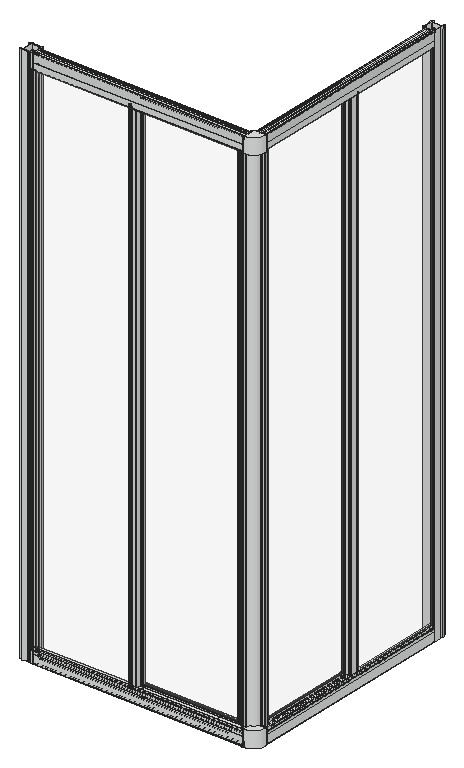
Revit family "Shower-Shower_Door-KOHLER-ODEON-K-17117T_1", category Specialty Equipment, host Face, Revit 2017 (continued)
Definition of nested family "K-17117T"
  Lines and regions (in)
    symbolic lines, detail levels medium+fine
      curve 274: arc (-31.10268, 1.53623, 0) -> (-31.1166, 1.53047, 0) -> (-31.12236, 1.51655, 0) r 0.01969
      curve 275: line (-30.14303, 1.53623, 0) -> (-31.10268, 1.53623, 0)
      curve 276: arc (-31.12236, 0.20159, 0) -> (-31.1166, 0.18767, 0) -> (-31.10268, 0.1819, 0) r 0.01969
      curve 277: line (-31.10268, 0.1819, 0) -> (-30.54461, 0.1819, 0)
      curve 278: arc (-30.54461, 0.1819, 0) -> (-30.52, 0.1573, 0) -> (-30.54461, 0.13269, 0) r 0.02461
      curve 279: line (-30.47269, 1.58545, 0) -> (-30.14303, 1.58545, 0)
      curve 280: arc (-30.14303, 1.58545, 0) -> (-30.11843, 1.56084, 0) -> (-30.14303, 1.53623, 0) r 0.02461
      curve 281: arc (-1.32303, 3.03492, 0) -> (-1.31985, 3.024, 0) -> (-1.31132, 3.01649, 0) r 0.02035
      curve 282: arc (-3.04938, 1.35365, 0) -> (-3.0393, 1.35042, 0) -> (-3.03298, 1.34194, 0) r 0.01735
      curve 283: line (-29.77591, 0, 0) -> (-29.77591, 0, 72.83)
      curve 284: line (-31.2354, 0, 72.83) -> (-31.2354, 0, -0.00465)
      curve 285: line (-1.70443, 0, 1.98388) -> (-29.77591, 0, 1.98388)
      curve 286: line (-17.08667, 0, 1.98388) -> (-17.08667, 0, 70.84269)
      curve 287: line (-1.70443, 0, 0) -> (-1.70443, 0, 2.02439)
      curve 288: line (-1.68081, 0, 2.04801) -> (-0.02924, 0, 2.04801)
      curve 289: line (-3.30314, 0, 70.84269) -> (-3.30314, 0, 1.98388)
      curve 290: line (-16.05679, 0, 70.84269) -> (-16.05679, 0, 1.98388)
      curve 291: line (-29.77591, 0, 70.84269) -> (-1.70443, 0, 70.84269)
      curve 292: line (-2.31889, 0, 70.84269) -> (-2.31889, 0, 1.98388)
      curve 293: line (-2.22847, 0, 70.84269) -> (-2.22847, 0, 1.98388)
      curve 294: line (-1.68081, 0, 70.78663) -> (-0.02924, 0, 70.78663)
      curve 295: line (-1.70443, 0, 70.81025) -> (-1.70443, 0, 72.83465)
      curve 296: line (-1.49254, 0, 70.78663) -> (-1.49254, 0, 70.65064)
      curve 297: line (-1.02609, 0, 70.78663) -> (-1.02609, 0, 2.04801)
      curve 298: line (-0.45992, 0, 70.78663) -> (-0.45992, 0, 2.04801)
      curve 299: line (-0.42055, 0, 70.78663) -> (-0.42055, 0, 2.04801)
      curve 300: line (-2.04971, 0, 70.65064) -> (-2.04971, 0, 2.14567)
      curve 301: line (-1.02609, 0, 70.65064) -> (-1.14617, 0, 70.65064)
      curve 302: line (-1.14617, 0, 70.65064) -> (-1.14617, 0, 70.78663)
      curve 303: line (-0.89223, 0, 70.78663) -> (-0.89223, 0, 70.61035)
      curve 304: line (-0.65601, 0, 70.5315) -> (-0.81338, 0, 70.5315)
      curve 305: arc (-0.81338, 0, 70.5315) -> (-0.86913, 0, 70.55459) -> (-0.89223, 0, 70.61035) r 0.07885
      curve 306: arc (-0.45992, 0, 70.36208) -> (-0.52644, 0, 70.48328) -> (-0.65601, 0, 70.5315) r 0.19818
      curve 307: line (-1.49254, 0, 70.65064) -> (-2.04971, 0, 70.65064)
      curve 308: line (-0.57976, 0, 70.51624) -> (-0.57976, 0, 2.28915)
      curve 309: line (-0.52136, 0, 2.32666) -> (-0.52136, 0, 70.47873)
      curve 310: line (-1.98963, 0, 70.65064) -> (-1.98963, 0, 70.84269)
      curve 311: line (-3.36122, 0, 70.84269) -> (-3.36122, 0, 1.98388)
      curve 312: line (-2.04971, 0, 2.14567) -> (-1.50906, 0, 2.14567)
      curve 313: line (-1.50906, 0, 2.14567) -> (-1.50906, 0, 2.04801)
      curve 314: line (-1.18946, 0, 2.04801) -> (-1.18946, 0, 2.12598)
      curve 315: line (-1.18946, 0, 2.12598) -> (-1.02609, 0, 2.12598)
      curve 316: line (-0.89223, 0, 2.04801) -> (-0.89223, 0, 2.19505)
      curve 317: line (-0.65601, 0, 2.2739) -> (-0.81338, 0, 2.2739)
      curve 318: arc (-0.81338, 0, 2.2739) -> (-0.86913, 0, 2.2508) -> (-0.89223, 0, 2.19505) r 0.07885
      curve 319: arc (-0.45992, 0, 2.44331) -> (-0.52644, 0, 2.32212) -> (-0.65601, 0, 2.2739) r 0.19818
      curve 320: line (0, 31.25129, 0) -> (0, 31.25129, 72.83465)
      curve 321: line (0, 29.79411, 0) -> (0, 29.79411, 72.8189)
      curve 322: line (0, 29.79411, 1.95999) -> (0, 1.72324, 1.95999)
      curve 323: line (0, 0.0277, 2.04801) -> (0, 1.70098, 2.04801)
      curve 324: line (0, 1.72324, 2.02575) -> (0, 1.72324, 0.01476)
      curve 325: arc (0, 1.70098, 2.04801) -> (0, 1.71672, 2.04149) -> (0, 1.72324, 2.02575) r 0.02226
      curve 326: line (0, 1.03308, 2.04801) -> (0, 1.03308, 70.78199)
      curve 327: line (0, 1.20857, 2.04801) -> (0, 1.20857, 2.14826)
      curve 328: line (0, 1.20857, 2.14826) -> (0, 1.03308, 2.14826)
      curve 329: line (0, 1.49024, 2.14567) -> (0, 2.06852, 2.14567)
      curve 330: line (0, 1.49024, 2.04801) -> (0, 1.49024, 2.14567)
      curve 331: line (0, 2.06852, 2.14567) -> (0, 2.06852, 70.84252)
      curve 332: line (0, 2.25021, 70.84252) -> (0, 2.25021, 1.95999)
      curve 333: line (0, 2.33515, 70.84252) -> (0, 2.33515, 1.95999)
      curve 334: line (0, 1.72324, 1.99213) -> (0, 29.79411, 1.99213)
      curve 335: line (0, 29.76926, 1.99213) -> (0, 29.76926, 70.84252)
      curve 336: line (0, 29.79411, 70.87519) -> (0, 1.72324, 70.87519)
      curve 337: line (0, 1.72324, 70.84252) -> (0, 29.79411, 70.84252)
      curve 338: line (0, 3.31433, 70.84252) -> (0, 3.31433, 1.99213)
      curve 339: line (0, 3.34444, 70.84252) -> (0, 3.34444, 1.99213)
      curve 340: line (0, 0.91104, 2.04801) -> (0, 0.91104, 2.1791)
      curve 341: line (0, 0.67482, 2.26378) -> (0, 0.82635, 2.26378)
      curve 342: arc (0, 0.91104, 2.1791) -> (0, 0.88623, 2.23898) -> (0, 0.82635, 2.26378) r 0.08468
      curve 343: arc (0, 0.47821, 2.46039) -> (0, 0.53579, 2.32137) -> (0, 0.67482, 2.26378) r 0.19661
      curve 344: line (0, 0.47821, 2.04801) -> (0, 0.47821, 70.78199)
      curve 345: line (0, 0.15828, 2.04801) -> (0, 0.15828, 70.78199)
      curve 346: line (0, 0.0277, 70.78199) -> (0, 1.70098, 70.78199)
      curve 347: line (0, 1.72324, 70.80425) -> (0, 1.72324, 72.81524)
      curve 348: arc (0, 1.70098, 70.78199) -> (0, 1.71672, 70.78851) -> (0, 1.72324, 70.80425) r 0.02226
      curve 349: line (0, 1.20857, 70.78199) -> (0, 1.20857, 70.68174)
      curve 350: line (0, 1.20857, 70.68174) -> (0, 1.03308, 70.68174)
      curve 351: line (0, 1.49024, 70.68433) -> (0, 2.06852, 70.68433)
      curve 352: line (0, 1.49024, 70.78199) -> (0, 1.49024, 70.68433)
      curve 353: line (0, 0.91104, 70.78199) -> (0, 0.91104, 70.6509)
      curve 354: line (0, 0.67482, 70.56622) -> (0, 0.82635, 70.56622)
      curve 355: arc (0, 0.91104, 70.6509) -> (0, 0.88623, 70.59102) -> (0, 0.82635, 70.56622) r 0.08468
      curve 356: arc (0, 0.47821, 70.36961) -> (0, 0.53579, 70.50863) -> (0, 0.67482, 70.56622) r 0.19661
      curve 357: line (0, 15.99113, 70.84252) -> (0, 15.99113, 1.95999)
      curve 358: line (0, 17.11028, 70.84252) -> (0, 17.11028, 1.95999)
      curve 359: line (0, 16.05432, 70.84252) -> (0, 16.05432, 1.95999)
      curve 360: line (0, 0.52127, 2.33744) -> (0, 0.52127, 70.49241)
      curve 361: line (0, 0.59135, 2.28237) -> (0, 0.59135, 70.54763)
      curve 362: line (0, 0.43488, 2.04801) -> (0, 0.43488, 70.78663)
      curve 363: line (-16.02524, 0, 70.84269) -> (-16.02524, 0, 1.98388)
      curve 364: line (-1.70443, 0, 70.87519) -> (-29.77591, 0, 70.87519)
      curve 365: line (-29.75045, 0, 70.84269) -> (-29.75045, 0, 1.98388)
      curve 366: line (-29.77591, 0, 1.95946) -> (-1.70443, 0, 1.95946)
      curve 367: arc (-1.70443, 0, 2.02439) -> (-1.69751, 0, 2.0411) -> (-1.68081, 0, 2.04801) r 0.02362
      curve 368: arc (-1.68081, 0, 70.78663) -> (-1.69751, 0, 70.79355) -> (-1.70443, 0, 70.81025) r 0.02362
  Dimensions and locks (in)
    aligned and locked: level to plane 2
    aligned and locked: curve 10 to Extrusion 2
Types (3): name | Type | Model | Finish
  (no name) | 1 | "K-17117T-L-SH" | Kohler-Metal-SH-Bright_Silver
  SH-Bright Silver | 1 | "K-17117T-L-SH" | Kohler-Metal-SH-Bright_Silver
  0-White | 2 | "K-17117T-L-0" | Kohler-Metal-0-White
